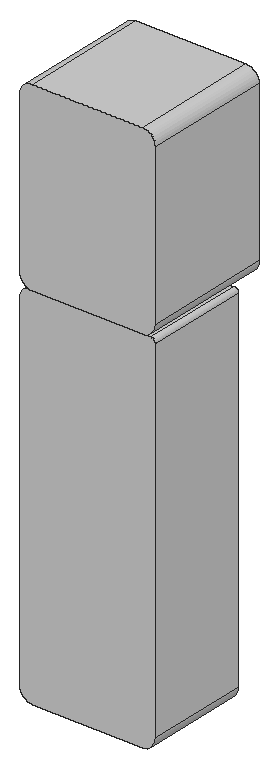
Revit family "Building-IEC309Boards-GEWISS-68QDIN-DISTRIBUTION-BOARD-5MOD_3SOCKET-OUTLETS", category Attrezzatura elettrica, host Muro, Revit 2016
Family settings
  Host = Muro
  Configurazione quadro = Due colonne, circuiti in orizzontale
  Tipo di parte = Pannello comandi
  Quota connettore circolare = Usa diametro
  Numero OmniClass = 23.80.30.11.17
  Titolo OmniClass = Distribution Boards and Control Panels
  Sempre verticale = Sì
  Taglio con vuoti quando caricato = No
  Condiviso = No
  Punto di calcolo locali = No
Parameters (values of type "GW68001N - Q-DIN 5M 3 FLANGES S.O.16A IP65")
  Voltaggio = "400V"
  Vista di pianta [instance] = yes
  Vetro = GEWISS - vetro
  Version type = "Empty"
  Version file RFA = "18.0"
  URL = "https://www.gewiss.com/ww/en"
  Thermo-pressure with ball = "70 °C"
  Technical sheet = "https://www.gewiss.com/ww/en/search?q=GW68001N"
  Struttura = GEWISS - Grigio RAL - 7035
  Spessore = 96 mm
  Simbolo [instance] = yes
  Shock resistance = "IK08"
  SEO = "Board"
  Realized by GEWISS S.p.A. = ""
  Produttore = "GEWISS S.p.A."
  Presa = GEWISS - Grigio RAL - 7035
  Potenza = 400 V
  Operating temperature: = "-25 +40 °C"
  Offset etichetta nome quadro [instance] = 125 mm
  Numero poli = 3
  No. of provided blank lids = "1 IEC 16A"
  No. of modules EN 50022 = "5"
  Modello = "GW68001N"
  Insulation class = "II"
  Installation type = "Surface-mounting"
  Immagine tipo = GW68001N.jpg
  IP degree = "IP65"
  IFC.TypeObject = ""
  IFC.ExportType = ""
  IFC.ExportAs = ""
  IDT = "db24ad3b-8d9a-41f1-941c-4a59ae982559"
  IDF = "a7ac7b5e-c05e-4f3f-a45f-798d55e6ef8a"
  Houseable socket = "3 IEC 309 16A IP44/67"
  Glow Wire Test = "650°C"
  GW – Nome quadro [instance] = "NOME"
  Electrocod = "2242"
  ETICHETTA NOME QUADRO [instance] = yes
  EAN code = "8011564744721"
  Distanza orizzontale del simbolo [instance] = 0 mm
  Distanza dal muro [instance] = 0 mm
  Dispersible power B (W) = "37"
  Dispersible power A (W) = "10"
  Descrizione = "Q-DIN 5M 3 FLANGES S.O.16A IP65"
  Cornice simbolo [instance] = no
  Colour = "Grey RAL 7035"
  Classificazione carico = Altro
  Catalogue Range = "68 QDIN"
  Catalogue = "BUILDING"
  Carico apparente = 0 VA
  COBie.Tagnumber = ""
  COBie.CreatedOn = ""
  COBie.CreatebBy = ""
  COBie.ComponentRegisterItemID = ""
  COBie.Component.TagNumber = ""
  COBie.Component.Space = ""
  COBie.Component.SerialNumber = ""
  COBie.Component.InstallationDate = ""
  COBie.Component.Description = ""
  COBie.Component.BarCode = ""
  Altezza da terra = 589.057 mm
  Accordance with Standards = "EN 60208 - EN 60670-1 - IEC 60670-24"
Reference planes
  plane 1 "Muro": y = 0
  plane 2 "Centro (Sinistra/Destra)": x = 125
  plane 3 "Indietro": y = 75
  plane 4: z = 589.057
  plane 5: x = -205.386
  plane 6: y = 200
  plane 7: x = 125
  plane 8: y = 200
Lines and regions (mm)
  Masking region 1, visible <- "Vista di pianta"
    outline origin (0, 0, 0) x (1, 0, 0) y (0, 1, 0)
      loop
        line (182.5, 171) -> (77.5, 171) -> (77.5, 75) -> (182.5, 75) -> (182.5, 171)
  Masking region 2
    outline origin (125, 0, 0) x (0, 1, 0) y (0, 0, 1)
      loop
        line (155.196, 158.843) -> (155.196, 445.843) -> (75, 445.843) -> (75, 158.843) -> (155.196, 158.843)
  Masking region 3
    outline origin (125, 0, 0) x (0, 1, 0) y (0, 0, 1)
      loop
        line (162.126, 359.335) -> (162.126, 436.336) -> (155.196, 436.336) -> (155.196, 359.335) -> (162.126, 359.335)
      loop
        line (155.196, 341.336) -> (155.196, 267.335) -> (162.126, 267.335) -> (162.126, 341.336) -> (155.196, 341.336)
      loop
        line (162.126, 249.335) -> (155.196, 249.335) -> (155.196, 174.335) -> (162.126, 174.335) -> (162.126, 249.335)
      loop
        line (175, 589.057) -> (75, 589.057) -> (75, 445.843) -> (175, 445.843) -> (175, 589.057)
Text (mm)
  text "Lato posizionamento" at (-1848.837, 1116.779, 0), in view "Livello rif."
  text "Lato posizionamento" at (0, 1409.804, 2854.306), in view "Sinistra"
  text "Lato posizionamento" at (0, 499.811, 2980.732), in view "Destra"
Dimensions and locks
  locked: plane 3 "Indietro" to host wall
  "Altezza da terra": level to plane 4
  "Distanza orizzontale del simbolo": plane 7 to plane 2 "Centro (Sinistra/Destra)"
  "Offset etichetta nome quadro": plane 8 to host wall
  aligned and locked: plane 1 "Muro" to host wall
  aligned and locked: nested 1 to plane 3 "Indietro"
  aligned and locked: plane 4 to nested 1
  aligned and locked: nested 3 to plane 6
  aligned and locked: plane 3 "Indietro" to nested 1  (x2)
  aligned and locked: Masking region 2 sketch curve to nested 1  (x3)
  aligned and locked: nested 1 to Masking region 2 sketch curve
  aligned and locked: Masking region 3 sketch curve to nested 1  (x4)
  aligned and locked: plane 2 "Centro (Sinistra/Destra)" to nested 4
  aligned and locked: plane 4 to nested 4
  aligned and locked: plane 6 to plane 8
  aligned and locked: plane 7 to nested 2
Automatic sketch dimensions
  Masking region 1 sketch curve to host wall = 0 mm
  Masking region 1 sketch curve to plane 2 "Centro (Sinistra/Destra)" = 47.5 mm
  plane 2 "Centro (Sinistra/Destra)" to Masking region 1 sketch curve = 57.5 mm
  Masking region 1 sketch curve to Masking region 1 sketch curve = 96 mm
  Masking region 3 sketch curve to Masking region 3 sketch curve = 0 mm
  host wall to Masking region 3 sketch curve = 80.196 mm
  Masking region 3 sketch curve to Masking region 3 sketch curve = 6.93 mm  (x3)
  Masking region 3 sketch curve to Masking region 3 sketch curve = 12.874 mm
  Masking region 3 sketch curve to Masking region 3 sketch curve = 9.508 mm
  Masking region 3 sketch curve to Masking region 3 sketch curve = 77.001 mm
  Masking region 3 sketch curve to Masking region 3 sketch curve = 17.999 mm  (x2)
  Masking region 3 sketch curve to Masking region 3 sketch curve = 74.001 mm
  Masking region 3 sketch curve to Masking region 3 sketch curve = 75.001 mm
Nested families
  nested 1: "QDIN5 QUADRO X 3 PRESE IND" at (125, 75, -428.04) x (-1, 0, 0) z (0, 0, 1), type "QDIN5 QUADRO X 3 PRESE IND"
  nested 2: "CENTRALINO" at (125, 96.996, 0), Distanza dal muro <- "Distanza dal muro", BORDO ACCESO <- "Cornice simbolo", SIMBOLO ACCESO <- "Simbolo", type "CENTRALINO"
    with SIMBOLO ACCESO yes, Distanza dal muro 0 mm, BORDO ACCESO no
  nested 3: "NOME QUADRO" at (125, 200, 0), TXT <- "GW – Nome quadro", visible <- "ETICHETTA NOME QUADRO", type "NOME QUADRO"
    with TXT "NOME"
  nested 4: "2D - QDIN15 X3" at (125, 0, 159.057) x (1, 0, 0) z (0, -1, 0), type "BIDIMENSIONALE"
Connectors
  electrical at (125, 115.098, 158.843), driven by "Numero poli", driven by "Classificazione carico", driven by "Potenza", driven by "Carico apparente"
    settings: on nested 1, index 1, voltage 400 V, apparent load 0 VA, apparent load phase1 0 VA, apparent load phase2 0 VA, apparent load phase3 0 VA, power factor 1, load classification "Altro", number of poles 3, system type 31, power factor state 1, is connector primary yes, connector utility no, sub classification motor no, connector description ""
Definition of nested family "QDIN5 QUADRO X 3 PRESE IND"
  Parameters (values of type "QDIN5 QUADRO X 3 PRESE IND")
    Vetro = none
    Struttura = none
    Spessore = 100 mm
    Default Elevation = 14 mm
    Presa = none
    Lunghezza = 105 mm
    IFC.TypeObject = ""
    IFC.ExportType = ""
    IFC.ExportAs = ""
    H_da terra = 586.883 mm
    H1 = 75 mm
    COBie.CreatedOn = ""
    COBie.CreatebBy = ""
    COBie.ComponentRegisterItemID = ""
    COBie.Component.TagNumber = ""
    COBie.Component.Space = ""
    COBie.Component.SerialNumber = ""
    COBie.Component.InstallationDate = ""
    COBie.Component.Description = ""
    COBie.Component.BarCode = ""
    Altezza scatole = 287 mm
    Altezza quadro = 143.214 mm
    Altezza = 258 mm
  Reference planes
    plane 1 "Centro (Fronte/Retro)": y = 0
    plane 2: z = 0
    plane 3 "Centro (Sinistra/Destra)": x = 0
    plane 4 "s": y = -100
    plane 5: z = 586.883
    plane 6: z = 1017.097
    plane 7: x = -52.5
    plane 8: x = 52.5
    plane 9: z = 873.883
    plane 10: y = -80.196
    plane 11: x = 37.506
    plane 12: x = -37.506
    plane 13: x = -50.097
    plane 14: x = 50.089
    plane 15: z = 883.383
    plane 16: z = 978.56
    plane 17: y = -46.089
    plane 18: y = -87.126
    plane 19: z = 677.375
    plane 20: z = 602.374
    plane 21: z = 695.374
    plane 22: z = 862.375
    plane 23: z = 769.375
    plane 24: z = 787.374
  Forms (mm)
    Extrusion 1, solid, material <- "Struttura"
      sketch origin (0, 0, 0) x (1, 0, 0) y (0, 0, 1)
        loop
          arc (-42.5, 1017.097) -> (-49.571, 1014.168) -> (-52.5, 1007.097) r 10
          line (-52.5, 1007.097) -> (-52.5, 883.883)
          arc (-52.5, 883.883) -> (-49.571, 876.812) -> (-42.5, 873.883) r 10
          line (-42.5, 873.883) -> (42.5, 873.883)
          arc (42.5, 873.883) -> (49.571, 876.812) -> (52.5, 883.883) r 10
          line (52.5, 883.883) -> (52.5, 1007.097)
          arc (52.5, 1007.097) -> (49.571, 1014.168) -> (42.5, 1017.097) r 10
          line (42.5, 1017.097) -> (-42.5, 1017.097)
      from 0 to 100
    Extrusion 2, solid, material <- "Struttura"
      sketch origin (0, 0, 0) x (1, 0, 0) y (0, 0, 1)
        loop
          line (44.95, 873.883) -> (-48.88, 873.883)
          arc (-48.88, 873.883) -> (-51.44, 872.823) -> (-52.5, 870.263) r 3.62
          line (-52.5, 870.263) -> (-52.5, 596.883)
          arc (-52.5, 596.883) -> (-49.571, 589.812) -> (-42.5, 586.883) r 10
          line (-42.5, 586.883) -> (42.5, 586.883)
          arc (42.5, 586.883) -> (49.571, 589.812) -> (52.5, 596.883) r 10
          line (52.5, 596.883) -> (52.5, 866.333)
          arc (52.5, 866.333) -> (50.289, 871.672) -> (44.95, 873.883) r 7.55
      from 0 to 80.196
    Extrusion 3, void
      sketch origin (0, 0, 0) x (1, 0, 0) y (0, 0, 1)
        loop
          line (-50.097, 978.56) -> (-50.097, 883.383) -> (50.089, 883.383) -> (50.089, 978.56) -> (-50.097, 978.56)
      from 46.089 to 100
    Extrusion 4, solid, material <- "Vetro", detail levels fine
      sketch origin (0, 0, 0) x (1, 0, 0) y (0, 0, 1)
        loop
          line (-50.097, 978.56) -> (-50.097, 883.383) -> (50.089, 883.383) -> (50.089, 978.56) -> (-50.097, 978.56)
      from 87.126 to 100
    Extrusion 5, solid, material <- "Presa", detail levels fine
      sketch origin (0, 0, -135) x (1, 0, 0) y (0, 0, 1)
        loop
          line (-37.506, 812.375) -> (-37.506, 737.374) -> (37.506, 737.374) -> (37.506, 812.375) -> (-37.506, 812.375)
      from 80.196 to 87.126
    Extrusion 6, solid, material <- "Presa", detail levels fine
      sketch origin (0, 0, -40) x (1, 0, 0) y (0, 0, 1)
        loop
          line (-37.506, 809.375) -> (-37.506, 735.374) -> (37.506, 735.374) -> (37.506, 809.375) -> (-37.506, 809.375)
      from 80.196 to 87.126
    Extrusion 7, solid, material <- "Presa", detail levels fine
      sketch origin (0, 0, 52) x (1, 0, 0) y (0, 0, 1)
        loop
          line (-37.506, 812.375) -> (-37.506, 735.374) -> (37.506, 735.374) -> (37.506, 812.375) -> (-37.506, 812.375)
      from 80.196 to 87.126
  Cuts and joins
    Extrusion 3 cuts Extrusion 1
  Dimensions and locks
    "Spessore": plane 4 "s" to plane 1 "Centro (Fronte/Retro)"
    "H_da terra": plane 5 to level
    equal spacing: plane 7, plane 3 "Centro (Sinistra/Destra)", plane 8
    "Lunghezza": plane 7 to plane 8
    "Altezza quadro": plane 6 to plane 9
    "Altezza scatole": plane 9 to plane 5
    plane 4 "s" to plane 1 "Centro (Fronte/Retro)" = 100 mm
    locked: plane 4 "s" to plane 10 at 19.804
    locked: plane 11 to plane 8 at 14.994
    locked: plane 12 to plane 7 at 14.994
    locked: plane 6 to plane 16 at 38.537
    locked: plane 15 to plane 9 at 9.5
    locked: plane 7 to plane 13 at 2.403
    locked: plane 14 to plane 8 at 2.411
    locked: plane 4 "s" to plane 17 at 53.911
    locked: plane 4 "s" to plane 18 at 12.874
    locked: plane 9 to plane 22 at 11.508
    aligned and locked: level to plane 2
    aligned and locked: Extrusion 1 sketch curve to plane 6
    aligned and locked: Extrusion 1 sketch curve to plane 8
    aligned and locked: Extrusion 1 sketch curve to plane 7
    aligned and locked: plane 9 to Extrusion 1 sketch curve
    aligned and locked: Extrusion 1 to plane 4 "s"
    aligned and locked: Extrusion 2 sketch curve to plane 9
    aligned and locked: Extrusion 2 sketch curve to plane 8
    aligned and locked: Extrusion 2 sketch curve to plane 7
    aligned and locked: Extrusion 2 sketch curve to plane 5
    aligned and locked: Extrusion 2 to plane 10
    aligned and locked: Extrusion 3 sketch curve to plane 16
    aligned and locked: plane 14 to Extrusion 3 sketch curve
    aligned and locked: plane 13 to Extrusion 3 sketch curve
    aligned and locked: Extrusion 3 sketch curve to plane 15
    aligned and locked: plane 17 to cut or joined group of Extrusion 1, Extrusion 3
    aligned and locked: Extrusion 3 to plane 4 "s"
    aligned and locked: Extrusion 4 sketch curve to plane 16
    aligned and locked: plane 14 to Extrusion 4 sketch curve
    aligned and locked: Extrusion 4 sketch curve to plane 15
    aligned and locked: plane 13 to Extrusion 4 sketch curve
    aligned and locked: Extrusion 4 to plane 4 "s"
    aligned and locked: plane 18 to Extrusion 4
    aligned and locked: Extrusion 5 to plane 19
    aligned and locked: plane 20 to Extrusion 5
    aligned and locked: plane 11 to Extrusion 5  (x2)
    aligned and locked: Extrusion 5 to plane 12  (x2)
    aligned and locked: plane 21 to Extrusion 6  (x2)
    aligned and locked: plane 24 to Extrusion 7
    aligned and locked: Extrusion 6 to plane 23
    aligned and locked: plane 11 to Extrusion 6
    aligned and locked: plane 11 to Extrusion 7
    aligned and locked: Extrusion 6 to plane 12
    aligned and locked: Extrusion 7 to plane 12
  Automatic sketch dimensions
    Extrusion 1 sketch curve to plane 15 = 0.5 mm
    Extrusion 1 sketch curve to plane 12 = 4.994 mm
    plane 11 to Extrusion 1 sketch curve = 4.994 mm  (x2)
    Extrusion 2 sketch curve to plane 13 = 1.217 mm
    Extrusion 2 sketch curve to plane 12 = 4.994 mm
    plane 11 to Extrusion 2 sketch curve = 4.994 mm
    Extrusion 2 sketch curve to plane 22 = 3.957 mm
    Extrusion 5 sketch curve to plane 12 = 0 mm
    Extrusion 5 sketch curve to plane 11 = 0 mm
    Extrusion 5 sketch curve to plane 20 = 0 mm
    Extrusion 5 sketch curve to plane 19 = 0 mm
    Extrusion 6 sketch curve to plane 12 = 0 mm
    Extrusion 6 sketch curve to plane 11 = 0 mm
    Extrusion 6 sketch curve to plane 21 = 0 mm
    Extrusion 6 sketch curve to plane 23 = 0 mm
    Extrusion 7 sketch curve to plane 12 = 0 mm
    Extrusion 7 sketch curve to plane 11 = 0 mm
    Extrusion 7 sketch curve to plane 24 = 0 mm
    Extrusion 7 sketch curve to plane 22 = 2 mm
Definition of nested family "CENTRALINO"
  Parameters (values of type "CENTRALINO")
    SIMBOLO ACCESO [instance] = yes
    Distanza dal muro [instance] = 0 mm
    BORDO ACCESO [instance] = yes
  Reference planes
    plane 1: y = 0
    plane 2: x = 0
  Dimensions and locks
    "Distanza dal muro": plane 1 to nested 1
    aligned and locked: plane 2 to nested 1
  Nested families
    nested 1: "CENTRALINO_BASE" at (0, 0, 0), BORDO ACCESO <- "BORDO ACCESO", visible <- "SIMBOLO ACCESO", type "CENTRALINO"
      with BORDO ACCESO yes
  Definition of nested family "CENTRALINO_BASE"
    Parameters (values of type "CENTRALINO")
      Distanza dal muro = 0 mm
      BORDO ACCESO [instance] = yes
    Reference planes
      plane 1: y = 0
      plane 2: x = 0
    Lines and regions (mm)
      detail lines, visible <- "BORDO ACCESO", not visible
        curve 1: line (-2.443, 10.208, 0) -> (2.057, 10.208, 0)
        curve 2: line (2.057, 10.208, 0) -> (2.057, 4.208, 0)
        curve 3: line (2.057, 4.208, 0) -> (-2.443, 4.208, 0)
        curve 4: line (-2.443, 4.208, 0) -> (-2.443, 10.208, 0)
        curve 5: line (-2.043, 9.808, 0) -> (1.657, 9.808, 0)
        curve 6: line (1.657, 9.808, 0) -> (1.657, 4.608, 0)
        curve 7: line (1.657, 4.608, 0) -> (-2.043, 4.608, 0)
        curve 8: line (-2.043, 4.608, 0) -> (-2.043, 9.808, 0)
      detail lines
        curve 9: line (0, 0.905, 0) -> (0, 0.235, 0)
        curve 10: line (0.659, 0.905, 0) -> (0.659, 1.564, 0)
        curve 11: line (0.659, 1.564, 0) -> (-0.659, 1.564, 0)
        curve 12: line (-0.659, 1.564, 0) -> (-0.659, 0.905, 0)
        curve 13: line (-0.659, 0.905, 0) -> (0.659, 0.905, 0)
        curve 14: line (0.497, 1.564, 0) -> (0.497, 2.235, 0)
        curve 15: line (0.167, 1.564, 0) -> (0.167, 2.235, 0)
        curve 16: line (-0.162, 1.564, 0) -> (-0.162, 2.235, 0)
        curve 17: line (-0.491, 1.564, 0) -> (-0.491, 2.235, 0)
Definition of nested family "NOME QUADRO"
  Parameters (values of type "NOME QUADRO")
    TXT [instance] = ""
  Reference planes
    plane 1: y = 0
    plane 2: x = 0
  Text (mm)
    label "NOME QUADRO" at (0.217, 0.029, 0), shows "TXT"
Definition of nested family "2D - QDIN15 X3"
  Reference planes
    plane 1 "Centro (Fronte/Retro)": y = 0
    plane 2: z = 0
    plane 3 "Centro (Sinistra/Destra)": x = 0
  Lines and regions (mm)
    model lines, in view "Livello rif."
      curve 1: arc (-50.119, 290.737, 0) -> (-49.817, 290.014, 0) -> (-49.092, 289.715, 0) r 1.027
      curve 2: arc (49.043, 289.715, 0) -> (49.75, 290.008, 0) -> (50.043, 290.715, 0) r 1
      curve 3: arc (42.5, 0, 0) -> (49.571, 2.929, 0) -> (52.5, 10, 0) r 10
      curve 4: arc (52.5, 420, 0) -> (49.571, 427.071, 0) -> (42.5, 430, 0) r 10
      curve 5: arc (-42.5, 430, 0) -> (-49.571, 427.071, 0) -> (-52.5, 420, 0) r 10
      curve 6: arc (-52.5, 10, 0) -> (-49.571, 2.929, 0) -> (-42.5, 0, 0) r 10
      curve 7: arc (52.5, 420, 0) -> (49.571, 427.071, 0) -> (42.5, 430, 0) r 10
      curve 8: arc (-42.5, 430, 0) -> (-49.571, 427.071, 0) -> (-52.5, 420, 0) r 10
      curve 9: arc (-26.88, 307.036, 0) -> (-27.34, 306.408, 0) -> (-27.499, 305.647, 0) r 1.835
      curve 10: arc (-15, 311.486, 0) -> (-21.344, 310.338, 0) -> (-26.88, 307.036, 0) r 18.067
      curve 11: arc (26.88, 307.036, 0) -> (21.344, 310.338, 0) -> (15, 311.486, 0) r 18.067
      curve 12: arc (27.499, 305.647, 0) -> (27.34, 306.408, 0) -> (26.88, 307.036, 0) r 1.835
      curve 13: arc (27.5, 302, 0) -> (27.646, 301.646, 0) -> (28, 301.5, 0) r 0.5
      curve 14: arc (-28, 301.5, 0) -> (-27.646, 301.646, 0) -> (-27.5, 302, 0) r 0.5
      curve 15: arc (15.085, 293.121, 0) -> (17.116, 293.221, 0) -> (19.13, 293.501, 0) r 22.859
      curve 16: arc (-19.13, 293.501, 0) -> (-17.117, 293.221, 0) -> (-15.086, 293.121, 0) r 22.858
      curve 17: line (50.06, 396.677, 0) -> (50.06, 290.715, 0)
      curve 18: line (50.06, 290.715, 0) -> (50.06, 307.247, 0)
      curve 19: line (49.043, 289.715, 0) -> (22.35, 289.715, 0)
      curve 20: line (22.35, 289.715, 0) -> (-49.092, 289.715, 0)
      curve 21: line (-49.092, 289.715, 0) -> (-22.35, 289.715, 0)
      curve 22: line (50.06, 301.5, 0) -> (-50.119, 301.5, 0)
      curve 23: line (50.06, 300.191, 0) -> (-50.119, 300.191, 0)
      curve 24: line (-50.119, 290.737, 0) -> (-50.119, 396.677, 0)
      curve 25: line (-50.119, 396.677, 0) -> (50.06, 396.677, 0)
      curve 26: line (52.5, 420, 0) -> (52.5, 10, 0)
      curve 27: line (-42.5, 430, 0) -> (42.5, 430, 0)
      curve 28: line (42.5, 430, 0) -> (-42.5, 430, 0)
      curve 29: line (-52.5, 420, 0) -> (-52.5, 10, 0)
      curve 30: line (-52.5, 10, 0) -> (-52.5, 420, 0)
      curve 31: line (-42.5, 0, 0) -> (42.5, 0, 0)
      curve 32: line (-15, 311.486, 0) -> (15, 311.486, 0)
      curve 33: line (-27.5, 302, 0) -> (-27.5, 305.647, 0)
      curve 34: line (27.5, 302, 0) -> (27.5, 305.647, 0)
      curve 35: line (-15.086, 293.121, 0) -> (15.085, 293.121, 0)
      curve 36: line (-45, 370.526, 0) -> (-45, 325.474, 0)
      curve 37: line (-45, 325.474, 0) -> (45, 325.474, 0)
      curve 38: line (45, 325.474, 0) -> (45, 370.526, 0)
      curve 39: line (45, 370.526, 0) -> (-45, 370.526, 0)
      curve 40: line (19.13, 293.501, 0) -> (20.301, 293.813, 0)
      curve 41: line (20.301, 293.813, 0) -> (21.454, 294.202, 0)
      curve 42: line (21.454, 294.202, 0) -> (22.579, 294.666, 0)
      curve 43: line (22.579, 294.666, 0) -> (23.13, 294.926, 0)
      curve 44: line (23.13, 294.926, 0) -> (23.673, 295.204, 0)
      curve 45: line (23.673, 295.204, 0) -> (24.206, 295.499, 0)
      curve 46: line (24.206, 295.499, 0) -> (24.729, 295.813, 0)
      curve 47: line (24.729, 295.813, 0) -> (25.239, 296.141, 0)
      curve 48: line (25.239, 296.141, 0) -> (25.735, 296.485, 0)
      curve 49: line (25.735, 296.485, 0) -> (26.217, 296.842, 0)
      curve 50: line (26.217, 296.842, 0) -> (26.683, 297.213, 0)
      curve 51: line (26.683, 297.213, 0) -> (27.126, 297.592, 0)
      curve 52: line (27.126, 297.592, 0) -> (27.55, 297.981, 0)
      curve 53: line (27.55, 297.981, 0) -> (27.932, 298.359, 0)
      curve 54: line (27.932, 298.359, 0) -> (28.279, 298.731, 0)
      curve 55: line (28.279, 298.731, 0) -> (28.545, 299.046, 0)
      curve 56: line (28.545, 299.046, 0) -> (28.744, 299.309, 0)
      curve 57: line (28.744, 299.309, 0) -> (28.946, 299.645, 0)
      curve 58: line (28.946, 299.645, 0) -> (29.005, 299.813, 0)
      curve 59: line (-19.13, 293.501, 0) -> (-20.301, 293.813, 0)
      curve 60: line (-20.301, 293.813, 0) -> (-21.454, 294.202, 0)
      curve 61: line (-21.454, 294.202, 0) -> (-22.58, 294.666, 0)
      curve 62: line (-22.58, 294.666, 0) -> (-23.13, 294.926, 0)
      curve 63: line (-23.13, 294.926, 0) -> (-23.673, 295.204, 0)
      curve 64: line (-23.673, 295.204, 0) -> (-24.206, 295.499, 0)
      curve 65: line (-24.206, 295.499, 0) -> (-24.729, 295.812, 0)
      curve 66: line (-24.729, 295.812, 0) -> (-25.238, 296.141, 0)
      curve 67: line (-25.238, 296.141, 0) -> (-25.735, 296.485, 0)
      curve 68: line (-25.735, 296.485, 0) -> (-26.216, 296.842, 0)
      curve 69: line (-26.216, 296.842, 0) -> (-26.682, 297.213, 0)
      curve 70: line (-26.682, 297.213, 0) -> (-27.126, 297.592, 0)
      curve 71: line (-27.126, 297.592, 0) -> (-27.55, 297.981, 0)
      curve 72: line (-27.55, 297.981, 0) -> (-27.932, 298.359, 0)
      curve 73: line (-27.932, 298.359, 0) -> (-28.278, 298.731, 0)
      curve 74: line (-28.278, 298.731, 0) -> (-28.545, 299.046, 0)
      curve 75: line (-28.545, 299.046, 0) -> (-28.744, 299.309, 0)
      curve 76: line (-28.744, 299.309, 0) -> (-28.946, 299.646, 0)
      curve 77: line (-28.946, 299.646, 0) -> (-29.005, 299.813, 0)
      curve 78: arc (35.864, 200.491, 0) -> (40.9, 202.577, 0) -> (42.986, 207.613, 0) r 7.122
      curve 79: arc (42.986, 268.816, 0) -> (40.754, 273.562, 0) -> (35.878, 275.492, 0) r 7.122
      curve 80: arc (-41.863, 207.167, 0) -> (-39.63, 202.422, 0) -> (-34.755, 200.491, 0) r 7.122
      curve 81: circle (35.878, 268.37, 0) r 2.588 normal (0, 0, 1)
      curve 82: circle (35.864, 207.613, 0) r 2.588 normal (0, 0, 1)
      curve 83: circle (-34.741, 268.37, 0) r 2.588 normal (0, 0, 1)
      curve 84: arc (-34.741, 275.492, 0) -> (-39.777, 273.406, 0) -> (-41.863, 268.37, 0) r 7.122
      curve 85: circle (-34.755, 207.613, 0) r 2.588 normal (0, 0, 1)
      curve 86: line (42.986, 207.613, 0) -> (42.986, 238.74, 0)
      curve 87: line (42.986, 238.74, 0) -> (42.986, 268.816, 0)
      curve 88: line (-34.741, 275.492, 0) -> (35.878, 275.492, 0)
      curve 89: line (-41.863, 268.37, 0) -> (-41.863, 238.74, 0)
      curve 90: line (-41.863, 238.74, 0) -> (-41.863, 207.167, 0)
      curve 91: line (-34.755, 200.491, 0) -> (35.864, 200.491, 0)
      curve 92: arc (35.864, 107.491, 0) -> (40.9, 109.577, 0) -> (42.986, 114.613, 0) r 7.122
      curve 93: arc (42.986, 175.816, 0) -> (40.754, 180.562, 0) -> (35.878, 182.492, 0) r 7.122
      curve 94: arc (-41.863, 114.167, 0) -> (-39.63, 109.422, 0) -> (-34.755, 107.491, 0) r 7.122
      curve 95: circle (35.878, 175.37, 0) r 2.588 normal (0, 0, 1)
      curve 96: circle (35.864, 114.613, 0) r 2.588 normal (0, 0, 1)
      curve 97: circle (-34.741, 175.37, 0) r 2.588 normal (0, 0, 1)
      curve 98: arc (-34.741, 182.492, 0) -> (-39.777, 180.406, 0) -> (-41.863, 175.37, 0) r 7.122
      curve 99: circle (-34.755, 114.613, 0) r 2.588 normal (0, 0, 1)
      curve 100: line (42.986, 114.613, 0) -> (42.986, 145.74, 0)
      curve 101: line (42.986, 145.74, 0) -> (42.986, 175.816, 0)
      curve 102: line (-34.741, 182.492, 0) -> (35.878, 182.492, 0)
      curve 103: line (-41.863, 175.37, 0) -> (-41.863, 145.74, 0)
      curve 104: line (-41.863, 145.74, 0) -> (-41.863, 114.167, 0)
      curve 105: line (-34.755, 107.491, 0) -> (35.864, 107.491, 0)
      curve 106: arc (35.864, 14.491, 0) -> (40.9, 16.577, 0) -> (42.986, 21.613, 0) r 7.122
      curve 107: arc (42.986, 82.816, 0) -> (40.754, 87.562, 0) -> (35.878, 89.492, 0) r 7.122
      curve 108: arc (-41.863, 21.167, 0) -> (-39.63, 16.422, 0) -> (-34.755, 14.491, 0) r 7.122
      curve 109: circle (35.878, 82.37, 0) r 2.588 normal (0, 0, 1)
      curve 110: circle (35.864, 21.613, 0) r 2.588 normal (0, 0, 1)
      curve 111: circle (-34.741, 82.37, 0) r 2.588 normal (0, 0, 1)
      curve 112: arc (-34.741, 89.492, 0) -> (-39.777, 87.406, 0) -> (-41.863, 82.37, 0) r 7.122
      curve 113: circle (-34.755, 21.613, 0) r 2.588 normal (0, 0, 1)
      curve 114: line (42.986, 21.613, 0) -> (42.986, 52.74, 0)
      curve 115: line (42.986, 52.74, 0) -> (42.986, 82.816, 0)
      curve 116: line (-34.741, 89.492, 0) -> (35.878, 89.492, 0)
      curve 117: line (-41.863, 82.37, 0) -> (-41.863, 52.74, 0)
      curve 118: line (-41.863, 52.74, 0) -> (-41.863, 21.167, 0)
      curve 119: line (-34.755, 14.491, 0) -> (35.864, 14.491, 0)
